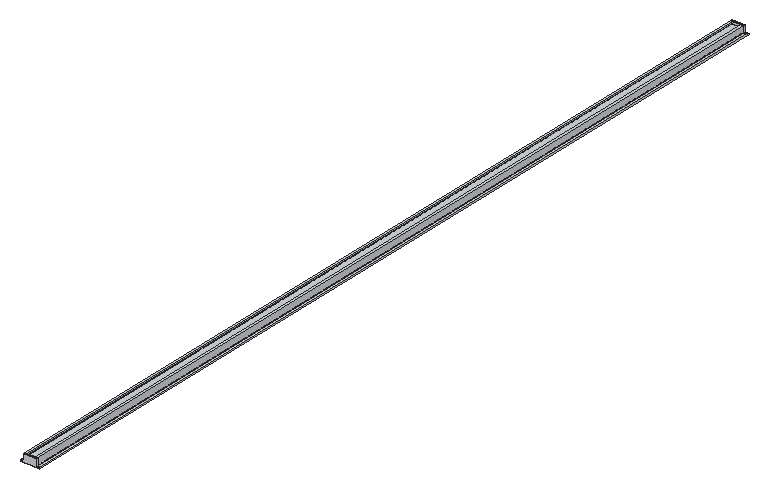
Revit family "KRS-48-XX", category Lighting Fixtures, Revit 2016
Family settings
  Part Type = Normal
  Round Connector Dimension = Use Diameter
  OmniClass Number = 23.80.70.00
  OmniClass Title = Lighting
  Work Plane-Based = No
  Always vertical = Yes
  Cut with Voids When Loaded = No
  Light Source = Yes
  Shared = No
  Room Calculation Point = No
Parameters
  Wattage = 16.1571 W
  built-in parameter 1150110 = 1 (stored number, unit not read)
  built-in parameter 1114217 = 1 (stored number, unit not read)
  built-in parameter 1150109 = 1 (stored number, unit not read)
  built-in parameter 1150134 = (empty or 0)
  built-in parameter 1150113 = 1 (stored number, unit not read)
  Lumens = 2400 lm
  built-in parameter 1150115 = 1 (stored number, unit not read)
  built-in parameter 1150105 = 190.99 (stored number, unit not read)
  Light Source Symbol Size = 2' - 0"
  built-in parameter 1150137 = (empty or 0)
  built-in parameter 1150139 = (empty or 0)
  built-in parameter 1150112 = 1 (stored number, unit not read)
  built-in parameter 1150114 = 1 (stored number, unit not read)
  built-in parameter 1150132 = 2
  built-in parameter 1150102 = (empty or 0)
  built-in parameter 1150138 = (empty or 0)
  built-in parameter 1150107 = 3000 (stored number, unit not read)
  built-in parameter 1150106 = 1.9099 (stored number, unit not read)
  Emit from Line Length = 2' - 0"
  built-in parameter 1150104 = 13.8 (stored number, unit not read)
  Dimming Lamp Color Temperature Shift = (empty or 0)
  Color Filter = 16777215
  built-in parameter 1114218 = 1 (stored number, unit not read)
  built-in parameter 1150133 = 10 (stored number, unit not read)
Reference planes (in)
  plane 1 "Light Source Axis (F/B)": y = -8.60801
  plane 2: z = 0
  plane 3 "Light Source Axis (L/R)": x = 0
  plane 4 "Light Source Elevation": z = 54
  plane 5: z = 0
Forms (in)
  Extrusion 1, solid
    sketch origin (-0.02566, -8.60801, -0.11301) x (1, 0, 0) y (0, 0, 1)
      loop
        line (0.06248, 0.26413) -> (-0.05696, 0.26413) -> (-0.05696, 0.20378) -> (0.00276, 0.20378) -> (0.00276, 0.14521) -> (-0.56391, 0.14521) -> (-0.56391, 0.20378) -> (-0.50419, 0.20378) -> (-0.50419, 0.26413) -> (-0.62363, 0.26413) -> (-0.62363, -0.08814) -> (-0.81252, -0.08814) -> (-0.81252, -0.15007) -> (-0.57502, -0.15007) -> (-0.57502, -0.08814) -> (-0.52822, -0.10611) -> (-0.52125, -0.06657) -> (-0.53002, -0.02143) -> (-0.53335, 0.02619) -> (-0.56468, 0.02619) -> (-0.56468, 0.08942) -> (0.00353, 0.08942) -> (0.00353, 0.02619) -> (-0.02779, 0.02619) -> (-0.03112, -0.02143) -> (-0.0399, -0.06657) -> (-0.03292, -0.10611) -> (0.01387, -0.08814) -> (0.01387, -0.15007) -> (0.25137, -0.15007) -> (0.25137, -0.08814) -> (0.06248, -0.08814) -> (0.06248, 0.26413)
    from 0 to 48
  Extrusion 2, solid
    sketch origin (-0.02421, -8.60801, -0.11045) x (1, 0, 0) y (0, 0, 1)
      loop
        arc (-0.03254, -0.15724) -> (-0.00472, -0.13893) -> (0.00231, -0.10637) r 0.04402
        arc (0.00231, -0.10637) -> (-0.03605, -0.10196) -> (-0.04856, -0.06543) r 0.03617
        line (-0.04856, -0.06543) -> (-0.03634, -0.03664) -> (-0.03101, 0.01414)
        arc (-0.03101, 0.01414) -> (-0.06719, -0.00715) -> (-0.08241, -0.04627) r 0.06403
        arc (-0.08241, -0.04627) -> (-0.08921, -0.08257) -> (-0.08241, -0.11887) r 0.1003
        line (-0.08241, -0.11887) -> (-0.47873, -0.11887)
        arc (-0.47873, -0.11887) -> (-0.47193, -0.08257) -> (-0.47873, -0.04627) r 0.1003
        arc (-0.47873, -0.04627) -> (-0.49395, -0.00715) -> (-0.53014, 0.01414) r 0.06403
        line (-0.53014, 0.01414) -> (-0.5248, -0.03664) -> (-0.51258, -0.06543)
        arc (-0.51258, -0.06543) -> (-0.5251, -0.10196) -> (-0.56346, -0.10637) r 0.03617
        arc (-0.56346, -0.10637) -> (-0.55643, -0.13893) -> (-0.52861, -0.15724) r 0.04402
        line (-0.52861, -0.15724) -> (-0.44889, -0.16282) -> (-0.37423, -0.16542)
        arc (-0.37423, -0.16542) -> (-0.28057, -0.16706) -> (-0.18691, -0.16542) r 2.68359
        line (-0.18691, -0.16542) -> (-0.11226, -0.16282) -> (-0.03254, -0.15724)
    from 0 to 48
  Extrusion 3, solid
    sketch origin (-0.02566, -8.60801, -0.11301) x (1, 0, 0) y (0, 0, 1)
      loop
        line (0.06248, 0.26413) -> (-0.62363, 0.26413) -> (-0.62363, -0.08814) -> (-0.81252, -0.08814) -> (-0.81252, -0.15007) -> (-0.57502, -0.15007) -> (-0.52861, -0.15724)
        arc (-0.52861, -0.15724) -> (-0.28057, -0.16692) -> (-0.03254, -0.15724) r 3.18189
        line (-0.03254, -0.15724) -> (0.01387, -0.15007) -> (0.25137, -0.15007) -> (0.25137, -0.08814) -> (0.06248, -0.08814) -> (0.06248, 0.26413)
    from 0 to -0.0912
  Extrusion 4, solid
    sketch origin (-0.02566, -56.71982, -0.11301) x (1, 0, 0) y (0, 0, 1)
      loop
        line (0.06248, 0.26413) -> (-0.62363, 0.26413) -> (-0.62363, -0.08814) -> (-0.81252, -0.08814) -> (-0.81252, -0.15007) -> (-0.57502, -0.15007) -> (-0.52861, -0.15724)
        arc (-0.52861, -0.15724) -> (-0.28057, -0.16692) -> (-0.03254, -0.15724) r 3.18189
        line (-0.03254, -0.15724) -> (0.01387, -0.15007) -> (0.25137, -0.15007) -> (0.25137, -0.08814) -> (0.06248, -0.08814) -> (0.06248, 0.26413)
    from -0.02833 to -0.1118
Dimensions and locks (in)
  aligned and locked: plane 3 "Light Source Axis (L/R)" to imposter light
  aligned and locked: plane 1 "Light Source Axis (F/B)" to imposter light
  aligned and locked: plane 4 "Light Source Elevation" to imposter light
  aligned and locked: level to plane 5
